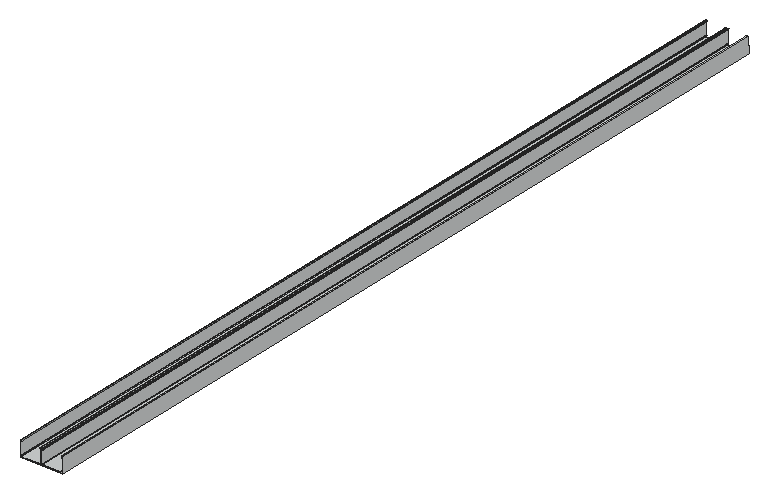
Revit family "Specialty_Equipment-Metal_Raceway-Hubbell_Wiring-Base-HBLALU4800B10", category Specialty Equipment, host Face, Revit 2015
Parameters (values of type "HBLALU4800B10")
  URL = "http://www.hubbell-wiring.com/"
  Product data url = "https://bimobject.com/hubbellwiring/product/hubbell-metal-raceway-alu4800"
  Product Page URL = "http://ecatalog.hubbell-wiring.com/ProductInformation/ViewCatalog.aspx?Dest=hubbell-wiring.com/press/catalog/r.pdf"
  Product Documentation Link = "http://www.hubbell-wiring.com/press/pdfs/h5233r08.pdf"
  Number Of Segments [instance] = roundup(Length / 120.00")  # 1
  Model = "HBLALU4800B10"
  Manufacturer = "Hubbell Wiring Device Kellems"  # constant formula
  Length Note [instance] = "Available in 10 foot Segments"  # constant formula
  Length [instance] = 120.00"
  Host Note = "Add in Section View; Host to Wall"  # constant formula
  Description = "Two Channel Base"  # constant formula
  Default Elevation = 48.00"
  Cable Tray Material = Metal-Hubbell-Aluminum
  B = 6.00"
  Assembly Code = "D5090900"
  A = 2.10"
Reference planes (in)
  plane 1 "Center (Front/Back)": y = 0
  plane 2: z = 0
  plane 3 "Center (Left/Right)": x = 0
  plane 4: z = 2.1
  plane 5: x = -3
  plane 6: x = 3
  plane 7: y = 60
  plane 8: y = -60
Forms (in)
  Extrusion 1, solid, material "Metal-Hubbell-Aluminum" <- "Cable Tray Material"
    sketch origin (0, 0, 0) x (1, 0, 0) y (0, 0, 1)
      loop
        line (-3, 2.1) -> (-3, 0) -> (3, 0) -> (3, 2.1) -> (2.94263, 2.1) -> (2.94263, 2.0349) -> (2.88028, 2.0349) -> (2.88028, 2.06645)
        arc (2.88028, 2.06645) -> (2.85592, 2.12525) -> (2.79712, 2.14961) r 0.08316
        arc (2.79712, 2.14961) -> (2.77035, 2.10926) -> (2.81794, 2.10029) r 0.02906
        line (2.81794, 2.10029) -> (2.81794, 2.04986)
        arc (2.81794, 2.04986) -> (2.84919, 1.98777) -> (2.91769, 1.97589) r 0.07731
        line (2.91769, 1.97589) -> (2.91769, 0.23067) -> (2.87903, 0.23067)
        arc (2.87903, 0.23067) -> (2.84786, 0.1995) -> (2.87903, 0.16833) r 0.03117
        line (2.87903, 0.16833) -> (2.91769, 0.16833) -> (2.91769, 0.09738)
        arc (2.91769, 0.09738) -> (2.9282, 0.0643) -> (2.89512, 0.07481) r 0.01955
        line (2.89512, 0.07481) -> (0.09738, 0.07481)
        arc (0.09738, 0.07481) -> (0.06353, 0.06353) -> (0.07481, 0.09738) r 0.01995
        line (0.07481, 0.09738) -> (0.07481, 0.16833) -> (0.11347, 0.16833)
        arc (0.11347, 0.16833) -> (0.14464, 0.1995) -> (0.11347, 0.23067) r 0.03117
        line (0.11347, 0.23067) -> (0.07481, 0.23067) -> (0.07481, 1.97589)
        arc (0.07481, 1.97589) -> (0.14331, 1.98777) -> (0.17456, 2.04986) r 0.07731
        line (0.17456, 2.04986) -> (0.17456, 2.10029)
        arc (0.17456, 2.10029) -> (0.22215, 2.10926) -> (0.19538, 2.14961) r 0.02906
        arc (0.19538, 2.14961) -> (0.13658, 2.12525) -> (0.11222, 2.06645) r 0.08316
        line (0.11222, 2.06645) -> (0.11222, 2.0349) -> (0.04988, 2.0349) -> (0.04988, 2.1) -> (-0.04988, 2.1) -> (-0.04988, 2.0349) -> (-0.11222, 2.0349) -> (-0.11222, 2.06645)
        arc (-0.11222, 2.06645) -> (-0.13658, 2.12525) -> (-0.19538, 2.14961) r 0.08316
        arc (-0.19538, 2.14961) -> (-0.22215, 2.10926) -> (-0.17456, 2.10029) r 0.02906
        line (-0.17456, 2.10029) -> (-0.17456, 2.04986)
        arc (-0.17456, 2.04986) -> (-0.14331, 1.98777) -> (-0.07481, 1.97589) r 0.07731
        line (-0.07481, 1.97589) -> (-0.07481, 0.23067) -> (-0.11347, 0.23067)
        arc (-0.11347, 0.23067) -> (-0.14464, 0.1995) -> (-0.11347, 0.16833) r 0.03117
        line (-0.11347, 0.16833) -> (-0.07481, 0.16833) -> (-0.07481, 0.09738)
        arc (-0.07481, 0.09738) -> (-0.0643, 0.0643) -> (-0.09738, 0.07481) r 0.01955
        line (-0.09738, 0.07481) -> (-2.89512, 0.07481)
        arc (-2.89512, 0.07481) -> (-2.92897, 0.06353) -> (-2.91769, 0.09738) r 0.01995
        line (-2.91769, 0.09738) -> (-2.91769, 0.16833) -> (-2.87903, 0.16833)
        arc (-2.87903, 0.16833) -> (-2.84786, 0.1995) -> (-2.87903, 0.23067) r 0.03117
        line (-2.87903, 0.23067) -> (-2.91769, 0.23067) -> (-2.91769, 1.97589)
        arc (-2.91769, 1.97589) -> (-2.84919, 1.98777) -> (-2.81794, 2.04986) r 0.07731
        line (-2.81794, 2.04986) -> (-2.81794, 2.10029)
        arc (-2.81794, 2.10029) -> (-2.77035, 2.10926) -> (-2.79712, 2.14961) r 0.02906
        arc (-2.79712, 2.14961) -> (-2.85592, 2.12525) -> (-2.88028, 2.06645) r 0.08316
        line (-2.88028, 2.06645) -> (-2.88028, 2.0349) -> (-2.94263, 2.0349) -> (-2.94263, 2.1) -> (-3, 2.1)
    from -60 to 60
Lines and regions (in)
  symbolic lines, style "symbolic lines"
    curve 1: line (0, 60, 0) -> (0, -60, 0)
    curve 2: line (0, 60, 2.1) -> (0, 60, 0)
    curve 3: line (0, -60, 2.1) -> (0, 60, 2.1)
    curve 4: line (0, -60, 0) -> (0, -60, 2.1)
    curve 65: line (-3, -60, 0) -> (-3, 60, 0)
    curve 66: line (-3, 60, 0) -> (3, 60, 0)
    curve 67: line (3, 60, 0) -> (3, -60, 0)
    curve 68: line (3, -60, 0) -> (-3, -60, 0)
    curve 69: line (3, 0, 0) -> (3, 0, 2.1)
    curve 70: line (-3, 0, 0) -> (3, 0, 0)
    curve 71: line (-3, 0, 2.1) -> (-3, 0, 0)
    curve 72: line (-2.91769, 0, 0.07481) -> (-2.91769, 0, 2.1)
    curve 73: line (-0.07481, 0, 0.07481) -> (-2.91769, 0, 0.07481)
    curve 74: line (-0.07481, 0, 2.1) -> (-0.07481, 0, 0.07481)
    curve 75: line (0.07481, 0, 0.07481) -> (0.07481, 0, 2.1)
    curve 76: line (0.07481, 0, 2.1) -> (-0.07481, 0, 2.1)
    curve 77: line (2.91769, 0, 2.1) -> (2.91769, 0, 0.07481)
    curve 78: line (0.07481, 0, 0.07481) -> (2.91769, 0, 0.07481)
    curve 79: line (3, 0, 2.1) -> (2.91769, 0, 2.1)
    curve 80: line (-3, 0, 2.1) -> (-2.91769, 0, 2.1)
  reference lines
    curve 5: line (-3, 0, 2.1) -> (-3, 0, 0)
    curve 6: line (-2.94263, 0, 2.1) -> (-3, 0, 2.1)
    curve 7: line (-2.94263, 0, 2.0349) -> (-2.94263, 0, 2.1)
    curve 8: line (-2.88028, 0, 2.0349) -> (-2.94263, 0, 2.0349)
    curve 9: line (-2.88028, 0, 2.06645) -> (-2.88028, 0, 2.0349)
    curve 10: arc (-2.79712, 0, 2.14961) -> (-2.85592, 0, 2.12525) -> (-2.88028, 0, 2.06645) r 0.08316
    curve 11: arc (-2.81794, 0, 2.10029) -> (-2.77035, 0, 2.10926) -> (-2.79712, 0, 2.14961) r 0.02906
    curve 12: line (-2.81794, 0, 2.04986) -> (-2.81794, 0, 2.10029)
    curve 13: arc (-2.91769, 0, 1.97589) -> (-2.84919, 0, 1.98777) -> (-2.81794, 0, 2.04986) r 0.07731
    curve 14: line (-2.91769, 0, 0.23067) -> (-2.91769, 0, 1.97589)
    curve 15: line (-2.87903, 0, 0.23067) -> (-2.91769, 0, 0.23067)
    curve 16: arc (-2.87903, 0, 0.16833) -> (-2.84786, 0, 0.1995) -> (-2.87903, 0, 0.23067) r 0.03117
    curve 17: line (-2.91769, 0, 0.16833) -> (-2.87903, 0, 0.16833)
    curve 18: line (-2.91769, 0, 0.09738) -> (-2.91769, 0, 0.16833)
    curve 19: arc (-2.89512, 0, 0.07481) -> (-2.92897, 0, 0.06353) -> (-2.91769, 0, 0.09738) r 0.01995
    curve 20: line (-0.09738, 0, 0.07481) -> (-2.89512, 0, 0.07481)
    curve 21: arc (-0.07481, 0, 0.09738) -> (-0.0643, 0, 0.0643) -> (-0.09738, 0, 0.07481) r 0.01955
    curve 22: line (-0.07481, 0, 0.16833) -> (-0.07481, 0, 0.09738)
    curve 23: line (-0.11347, 0, 0.16833) -> (-0.07481, 0, 0.16833)
    curve 24: arc (-0.11347, 0, 0.23067) -> (-0.14464, 0, 0.1995) -> (-0.11347, 0, 0.16833) r 0.03117
    curve 25: line (-0.07481, 0, 0.23067) -> (-0.11347, 0, 0.23067)
    curve 26: line (-0.07481, 0, 1.97589) -> (-0.07481, 0, 0.23067)
    curve 27: arc (-0.17456, 0, 2.04986) -> (-0.14331, 0, 1.98777) -> (-0.07481, 0, 1.97589) r 0.07731
    curve 28: line (-0.17456, 0, 2.10029) -> (-0.17456, 0, 2.04986)
    curve 29: arc (-0.19538, 0, 2.14961) -> (-0.22215, 0, 2.10926) -> (-0.17456, 0, 2.10029) r 0.02906
    curve 30: arc (-0.11222, 0, 2.06645) -> (-0.13658, 0, 2.12525) -> (-0.19538, 0, 2.14961) r 0.08316
    curve 31: line (-0.11222, 0, 2.0349) -> (-0.11222, 0, 2.06645)
    curve 32: line (-0.04988, 0, 2.0349) -> (-0.11222, 0, 2.0349)
    curve 33: line (-0.04988, 0, 2.1) -> (-0.04988, 0, 2.0349)
    curve 34: line (0.04988, 0, 2.1) -> (-0.04988, 0, 2.1)
    curve 35: line (0.04988, 0, 2.0349) -> (0.04988, 0, 2.1)
    curve 36: line (0.11222, 0, 2.0349) -> (0.04988, 0, 2.0349)
    curve 37: arc (0.19538, 0, 2.14961) -> (0.13658, 0, 2.12525) -> (0.11222, 0, 2.06645) r 0.08316
    curve 38: line (0.11222, 0, 2.06645) -> (0.11222, 0, 2.0349)
    curve 39: arc (0.17456, 0, 2.10029) -> (0.22215, 0, 2.10926) -> (0.19538, 0, 2.14961) r 0.02906
    curve 40: line (0.17456, 0, 2.04986) -> (0.17456, 0, 2.10029)
    curve 41: arc (0.07481, 0, 1.97589) -> (0.14331, 0, 1.98777) -> (0.17456, 0, 2.04986) r 0.07731
    curve 42: line (0.07481, 0, 0.23067) -> (0.07481, 0, 1.97589)
    curve 43: line (0.11347, 0, 0.23067) -> (0.07481, 0, 0.23067)
    curve 44: arc (0.11347, 0, 0.16833) -> (0.14464, 0, 0.1995) -> (0.11347, 0, 0.23067) r 0.03117
    curve 45: line (0.07481, 0, 0.16833) -> (0.11347, 0, 0.16833)
    curve 46: line (0.07481, 0, 0.09738) -> (0.07481, 0, 0.16833)
    curve 47: arc (0.09738, 0, 0.07481) -> (0.06353, 0, 0.06353) -> (0.07481, 0, 0.09738) r 0.01995
    curve 48: line (2.89512, 0, 0.07481) -> (0.09738, 0, 0.07481)
    curve 49: arc (2.91769, 0, 0.09738) -> (2.9282, 0, 0.0643) -> (2.89512, 0, 0.07481) r 0.01955
    curve 50: line (2.91769, 0, 0.16833) -> (2.91769, 0, 0.09738)
    curve 51: line (2.87903, 0, 0.16833) -> (2.91769, 0, 0.16833)
    curve 52: arc (2.87903, 0, 0.23067) -> (2.84786, 0, 0.1995) -> (2.87903, 0, 0.16833) r 0.03117
    curve 53: line (2.91769, 0, 0.23067) -> (2.87903, 0, 0.23067)
    curve 54: line (2.91769, 0, 1.97589) -> (2.91769, 0, 0.23067)
    curve 55: arc (2.81794, 0, 2.04986) -> (2.84919, 0, 1.98777) -> (2.91769, 0, 1.97589) r 0.07731
    curve 56: line (2.81794, 0, 2.10029) -> (2.81794, 0, 2.04986)
    curve 57: arc (2.79712, 0, 2.14961) -> (2.77035, 0, 2.10926) -> (2.81794, 0, 2.10029) r 0.02906
    curve 58: arc (2.88028, 0, 2.06645) -> (2.85592, 0, 2.12525) -> (2.79712, 0, 2.14961) r 0.08316
    curve 59: line (2.88028, 0, 2.0349) -> (2.88028, 0, 2.06645)
    curve 60: line (2.94263, 0, 2.0349) -> (2.88028, 0, 2.0349)
    curve 61: line (2.94263, 0, 2.1) -> (2.94263, 0, 2.0349)
    curve 62: line (3, 0, 2.1) -> (2.94263, 0, 2.1)
    curve 63: line (3, 0, 0) -> (3, 0, 2.1)
    curve 64: line (-3, 0, 0) -> (3, 0, 0)
Dimensions and locks (in)
  "A": plane 4 to plane 2
  equal spacing: plane 5, plane 3 "Center (Left/Right)", plane 6
  "B": plane 5 to plane 6
  equal spacing: plane 7, plane 1 "Center (Front/Back)", plane 8
  "Length": plane 7 to plane 8
  aligned and locked: plane 2 to host face
  aligned and locked: level to host face
  aligned and locked: plane 5 to curve 5
  aligned and locked: curve 64 to plane 2
  aligned and locked: plane 4 to curve 34
  aligned and locked: curve 63 to plane 6
  aligned and locked: plane 4 to curve 62
  aligned and locked: plane 4 to curve 6
  aligned and locked: Extrusion 1 sketch curve to curve 5
  aligned and locked: Extrusion 1 sketch curve to curve 64
  aligned and locked: Extrusion 1 sketch curve to curve 63
  aligned and locked: Extrusion 1 sketch curve to curve 62
  aligned and locked: Extrusion 1 sketch curve to curve 61
  aligned and locked: Extrusion 1 sketch curve to curve 60
  aligned and locked: Extrusion 1 sketch curve to curve 59
  aligned and locked: Extrusion 1 sketch curve to curve 58
  aligned and locked: Extrusion 1 sketch curve to curve 56
  aligned and locked: Extrusion 1 sketch curve to curve 54
  aligned and locked: Extrusion 1 sketch curve to curve 53
  aligned and locked: Extrusion 1 sketch curve to curve 51
  aligned and locked: Extrusion 1 sketch curve to curve 50
  aligned and locked: Extrusion 1 sketch curve to curve 49
  aligned and locked: Extrusion 1 sketch curve to curve 48
  aligned and locked: Extrusion 1 sketch curve to curve 46
  aligned and locked: Extrusion 1 sketch curve to curve 45
  aligned and locked: Extrusion 1 sketch curve to curve 43
  aligned and locked: Extrusion 1 sketch curve to curve 42
  aligned and locked: Extrusion 1 sketch curve to curve 40
  aligned and locked: Extrusion 1 sketch curve to curve 38
  aligned and locked: Extrusion 1 sketch curve to curve 35
  aligned and locked: Extrusion 1 sketch curve to curve 34
  aligned and locked: Extrusion 1 sketch curve to curve 33
  aligned and locked: Extrusion 1 sketch curve to curve 32
  aligned and locked: Extrusion 1 sketch curve to curve 30
  aligned and locked: Extrusion 1 sketch curve to curve 28
  aligned and locked: Extrusion 1 sketch curve to curve 26
  aligned and locked: Extrusion 1 sketch curve to curve 25
  aligned and locked: Extrusion 1 sketch curve to curve 23
  aligned and locked: Extrusion 1 sketch curve to curve 22
  aligned and locked: Extrusion 1 sketch curve to curve 20
  aligned and locked: Extrusion 1 sketch curve to curve 18
  aligned and locked: Extrusion 1 sketch curve to curve 17
  aligned and locked: Extrusion 1 sketch curve to curve 15
  aligned and locked: Extrusion 1 sketch curve to curve 14
  aligned and locked: Extrusion 1 sketch curve to curve 12
  aligned and locked: Extrusion 1 sketch curve to curve 9
  aligned and locked: Extrusion 1 sketch curve to curve 8
  aligned and locked: Extrusion 1 sketch curve to curve 7
  aligned and locked: Extrusion 1 sketch curve to curve 6
  aligned and locked: plane 7 to Extrusion 1
  aligned and locked: Extrusion 1 to plane 8
  aligned and locked: curve 65 to plane 5
  aligned and locked: plane 8 to curve 68
  aligned and locked: plane 6 to curve 67
  aligned and locked: curve 66 to plane 7
  aligned and locked: curve 69 to Extrusion 1
  aligned and locked: curve 70 to Extrusion 1
  aligned and locked: curve 71 to Extrusion 1
  aligned and locked: curve 72 to Extrusion 1
  aligned and locked: curve 73 to Extrusion 1
  aligned and locked: curve 74 to Extrusion 1
  aligned and locked: curve 75 to Extrusion 1
  aligned and locked: curve 76 to Extrusion 1
  aligned and locked: curve 77 to Extrusion 1
  aligned and locked: plane 4 to curve 79
  aligned and locked: plane 8 to curve 4
  aligned and locked: curve 2 to plane 7
  aligned and locked: curve 3 to plane 4
  aligned and locked: curve 1 to plane 2
Automatic sketch dimensions
  host sketch curve to host sketch curve = 96.00"  (x2)
  curve 5 to curve 6 = 0.05737"
  curve 7 to curve 6 = 0.0651"
  curve 7 to curve 8 = 0.06234"
  curve 8 to curve 9 = 0.03155"
  plane 4 to curve 10 = 0.04961"
  plane 4 to curve 11 = 0.00029"
  curve 11 to curve 11 = 0.02082"
  plane 4 to curve 11 = 0.02056"
  curve 12 to curve 10 = 0.01659"
  curve 7 to curve 13 = 0.02494"
  curve 13 to curve 8 = 0.01496"
  level to curve 14 = 0.23067"
  curve 14 to curve 15 = 0.03865"
  curve 16 to curve 15 = 0.06234"
  curve 17 to curve 16 = 0.03865"
  curve 18 to curve 17 = 0.07094"
  curve 18 to curve 19 = 0.00282"
  curve 19 to curve 19 = 0.01975"
  curve 19 to curve 18 = 0.02257"
  curve 20 to plane 3 "Center (Left/Right)" = 0.09738"
  curve 20 to curve 21 = 0.01927"
  curve 21 to curve 21 = 0.00331"
  curve 20 to curve 21 = 0.00331"
  curve 21 to curve 22 = 0.07094"
  curve 23 to curve 22 = 0.03865"
  curve 23 to curve 24 = 0.03117"
  curve 24 to curve 25 = 0.03865"
  curve 26 to plane 4 = 0.12411"
  curve 27 to plane 4 = 0.05014"
  curve 27 to curve 27 = 0.09975"
  plane 4 to curve 28 = 0.00029"
  curve 29 to curve 29 = 0.02082"
  plane 4 to curve 29 = 0.02056"
  curve 30 to curve 27 = 0.01496"
  curve 27 to curve 30 = 0.01659"
  curve 31 to curve 27 = 0.01496"
  curve 27 to curve 32 = 0.04738"
  plane 3 "Center (Left/Right)" to curve 34 = 0.04988"
  curve 35 to curve 35 = 0.0651"
  curve 35 to curve 36 = 0.06234"
  curve 37 to plane 4 = 0.03355"
  curve 37 to curve 37 = 0.08316"
  plane 4 to curve 39 = 0.00029"
  curve 39 to curve 39 = 0.02082"
  plane 4 to curve 39 = 0.02056"
  curve 40 to curve 37 = 0.01659"
  curve 35 to curve 41 = 0.02494"
  curve 41 to curve 36 = 0.01496"
  curve 42 to curve 25 = 0.00"
  curve 42 to curve 43 = 0.03865"
  curve 44 to curve 43 = 0.06234"
  curve 45 to curve 44 = 0.03865"
  curve 46 to curve 45 = 0.07094"
  curve 46 to curve 47 = 0.00282"
  curve 47 to curve 47 = 0.01975"
  curve 47 to curve 46 = 0.02257"
  plane 6 to curve 48 = 0.10488"
  curve 48 to curve 49 = 0.01927"
  curve 49 to curve 49 = 0.00331"
  curve 48 to curve 49 = 0.00331"
  curve 49 to curve 50 = 0.07094"
  curve 51 to curve 50 = 0.03865"
  curve 51 to curve 52 = 0.03117"
  curve 52 to curve 53 = 0.03865"
  curve 54 to plane 4 = 0.12411"
  curve 55 to plane 4 = 0.05014"
  curve 55 to curve 55 = 0.09975"
  plane 4 to curve 56 = 0.00029"
  curve 57 to curve 56 = 0.02082"
  plane 4 to curve 57 = 0.02056"
  curve 58 to curve 55 = 0.01496"
  curve 55 to curve 58 = 0.01659"
  curve 59 to curve 55 = 0.01496"
  curve 55 to curve 60 = 0.04738"
  Extrusion 1 sketch curve to Extrusion 1 sketch curve = 0.00282"  (x4)
  Extrusion 1 sketch curve to Extrusion 1 sketch curve = 0.01975"  (x2)
  Extrusion 1 sketch curve to Extrusion 1 sketch curve = 0.01496"  (x8)
  Extrusion 1 sketch curve to Extrusion 1 sketch curve = 0.03865"  (x3)
  Extrusion 1 sketch curve to Extrusion 1 sketch curve = 0.02082"  (x2)
  plane 4 to Extrusion 1 sketch curve = 0.02056"  (x4)
  Extrusion 1 sketch curve to Extrusion 1 sketch curve = 0.01608"  (x2)
  Extrusion 1 sketch curve to Extrusion 1 sketch curve = 0.01927"
  plane 4 to Extrusion 1 sketch curve = 0.00029"  (x4)
  Extrusion 1 sketch curve to Extrusion 1 sketch curve = 0.00331"
  Extrusion 1 sketch curve to plane 4 = 0.12411"
  Extrusion 1 sketch curve to Extrusion 1 sketch curve = 0.01659"  (x2)
  curve 72 to plane 4 = 0.00"
  level to curve 78 = 0.07481"
